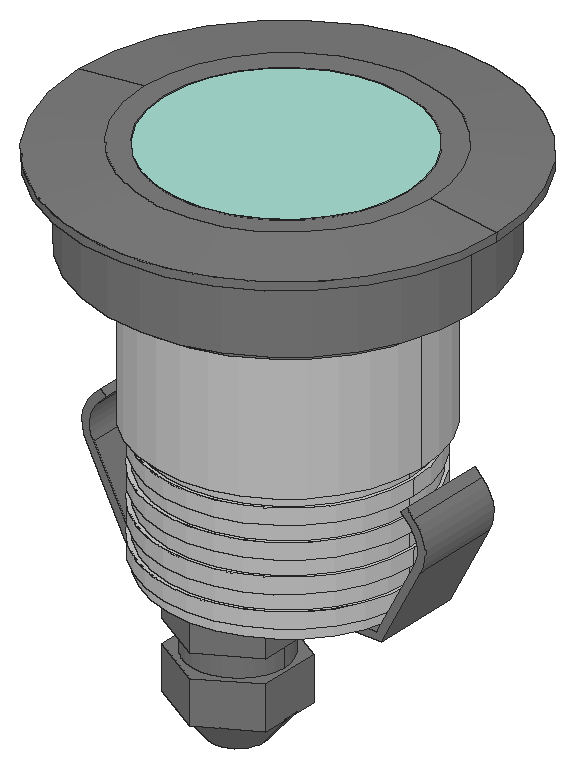
Revit family "Smoothy 1.6A", category Lighting Fixtures, host Face, Revit 2017
Family settings
  Host = Face
  Round Connector Dimension = Use Diameter
  Part Type = Normal
  Cut with Voids When Loaded = Yes
  Light Source = Yes
  Shared = No
  Room Calculation Point = Yes
Parameters (values of type "Smoothy 1.6_D (3000K 3.5W 24Vdc)")
  Wiring = "parallel"
  Width mm = 54 mm
  Weight kg = "0.27"
  Wattage = 1.50799 W
  built-in parameter 1150110 = 1 (stored number, unit not read)
  Voltage = 24 V
  URL Accessories and power supply units = "https://www.lucelight.it/en/prodotto.php/107381#a-scheda-accessori"
  URL = "https://www.lucelight.it/en/prodotto.php/107381"
  built-in parameter 1114217 = 1 (stored number, unit not read)
  Tiltable = "-"
  Vertical Rotation [instance] = 0.00°
  URL Technical sheet = "https://www.lucelight.it/media/prodotti/st/ST_SMOOTHY_16.pdf"
  URL Image = "https://www.lucelight.it/media/prodotti/foto/smoothy_1.6_still.jpg"
  URL IES Photometric file = "https://www.lucelight.it/media/prodotti/fotometrie/smoothy_1.6_ies.zip"
  URL General code = "https://www.lucelight.it/en/prodotto.php/107381#a-generacodice"
  URL Description = "https://www.lucelight.it/en/capitolato.php/107381"
  URL DXF = "https://www.lucelight.it/media/prodotti/dxf/smoothy_1.6.dxf"
  URL Catalogue = "https://www.lucelight.it/media/prodotti/brochure/smoothy_1_brochure_en.pdf"
  Trim = L&L_Steel inox AISI 316L
  Tilt Angle = 90.00°
  built-in parameter 1150109 = 1 (stored number, unit not read)
  built-in parameter 1150134 = (empty or 0)
  built-in parameter 1150113 = 1 (stored number, unit not read)
  Radius Void = 24 mm
  Power supply unit = "not included"
  Power supply = "24Vdc"
  Power cables = "includes 1.5 m neoprene cable H05RN-F 2x0.75/0.75 diam. 6.3 mm"
  Power = "3.5W (also available: 2.5W - ref. URL Technical sheet)"
  Photometric Web File = "SMOOTHY 1.6 D [3000K 3.5W 24Vdc].IES"
  Optics = "D"
  Notes = "-"
  No. and type of led = "1 power LED"
  Mounting = "recessed (ceiling, wall, ground)"
  Model = "Smoothy 1.6"
  Material = "body in anodized aluminium, trim in AISI 316L stainless steelscreen in tempered, transparent extra-clear glass (optics version), screen in sandblasted, tempered extra-clear glass (diffuse version)"
  Manufacturer = "L&L Luce&Light"
  built-in parameter 1150105 = 17.825 (stored number, unit not read)
  Lumens = 224 lm
  built-in parameter 1150115 = 1 (stored number, unit not read)
  Lumen output at source = "168 lm (3000K, 2.5W, CRI 80); 147 lm (3000K, 2.5W, CRI 90); 224 lm (3000K, 3.5W, CRI 80); 196 lm (3000K, 3.5W, CRI 90);"
  built-in parameter 1150137 = (empty or 0)
  built-in parameter 1150139 = (empty or 0)
  Lens = L&L_Tempered extra-clear glass
  Length mm = 54 mm
  built-in parameter 1150112 = 1 (stored number, unit not read)
  built-in parameter 1150114 = 1 (stored number, unit not read)
  LED Colour = "3000K (also available: 2700K and 4000K - ref. URL Technical sheet)"
  built-in parameter 1150132 = 2
  built-in parameter 1150102 = (empty or 0)
  built-in parameter 1150107 = 3000 (stored number, unit not read)
  built-in parameter 1150138 = (empty or 0)
  built-in parameter 1150106 = 0.17825 (stored number, unit not read)
  IP = "67"
  Height mm = 64 mm
  Height Void = 62.549 mm
  Geometry = Smoothy1.6_mod : Smoothy1.6_mod
  Features = "-"
  Energy efficiency class = "A A+ A++"
  Emit from Line Length = 609.6 mm
  built-in parameter 1150104 = 13.8 (stored number, unit not read)
  Dimming Lamp Color Temperature Shift = <None>
  Description = "recessed for outdoor applications"
  Delivered lumen output = "141 lm (3000K, 22°, 2.5W, CRI 80);  125 lm (3000K, 22°, 2.5W, CRI 90);  188 lm (3000K, 22°, 3.5W, CRI 80);  165 lm (3000K, 22°, 3.5W, CRI 90)"
  Default Elevation = 1219.2 mm
  Cutout dimensions = "diam. 48 mm"
  Control system = "-"
  Contact = "T: +39 0444 360571; E: lucelight@lucelight.it"
  Company = "L&L Luce&Light"
  Color Filter = 16777215
  Code = "SY1600 I; SY1601 I"
  CRI = "90 (also available: CRI 80 - ref. URL Technical sheet)"
  Body = L&L_Anodized aluminium
  built-in parameter 1114218 = 1 (stored number, unit not read)
  built-in parameter 1150133 = 10 (stored number, unit not read)
  Apparent Load Phase 1 = 3.5 W
  Apparent Load = 0 VA
Types (6, lengths in mm): name | Photometric Web File | Optics
  Smoothy 1.6_D (3000K 3.5W 24Vdc) | "SMOOTHY 1.6 D [3000K 3.5W 24Vdc].IES" | "D"
  Smoothy 1.6_F 30° (3000K 3.5W 24Vdc) | "SMOOTHY 1.6 F 30° [3000K 3.5W 24Vdc].IES" | "30°"
  Smoothy 1.6_L 48° (3000K 3.5W 24Vdc) | "SMOOTHY 1.6 L 48° [3000K 3.5W 24Vdc].IES" | "48°"
  Smoothy 1.6_M 22° (3000K 3.5W 24Vdc) | "SMOOTHY 1.6 M 22° [3000K 3.5W 24Vdc].IES" | "22°"
  Smoothy 1.6_P 35° (3000K 3.5W 24Vdc) | "SMOOTHY 1.6  P (35°) [3000K 3.5W 24Vdc].IES" | "35°"
  Smoothy 1.6_S 13° (3000K 3.5W 24Vdc) | "SMOOTHY 1.6  S 13° [3000K 3.5W 24Vdc].IES" | "13°"
Reference planes
  plane 1 "Center (Front/Back)": y = 0
  plane 2: z = 0
  plane 3 "Center (Left/Right)": x = 0
  plane 4: z = -62.549
Forms (mm)
  Extrusion 1, void
    sketch origin (0, 0, 0) x (1, 0, 0) y (0, 1, 0)
      loop
        circle (0, 0) r 24
    from -62.549 to 0
Dimensions and locks
  "Height Void": plane 4 to plane 2
  "Radius Void": radius of Extrusion 1 sketch curve
  aligned and locked: plane 2 to host face
  aligned and locked: level to host face
  aligned and locked: Extrusion 1 to plane 4
  aligned and locked: plane 2 to Extrusion 1
Automatic sketch dimensions
  host sketch curve to host sketch curve = 2438.4 mm  (x2)
  plane 1 "Center (Front/Back)" to Extrusion 1 sketch curve = 0 mm
  Extrusion 1 sketch curve to plane 3 "Center (Left/Right)" = 0 mm
Nested families
  nested 1: "Smoothy1.6_mod" at (0, 0, 0), type <- "Geometry", type "Smoothy1.6_mod"
Connectors
  electrical at (0, 0, 0), driven by "Apparent Load Phase 1", driven by "Voltage"
    settings: index 1, voltage 24 V, apparent load 0 VA, apparent load phase1 3.5 VA, apparent load phase2 0 VA, apparent load phase3 0 VA, power factor 1, load classification "Lighting", number of poles 1, system type 31, power factor state 1, is connector primary yes, connector utility no, sub classification motor no, connector description ""
Definition of nested family "Smoothy1.6_mod"
  Parameters (values of type "Smoothy1.6_mod")
    Wing 5.6 = no
    Wing 5.4 = no
    Wing 2.8 = no
    Wing 2.4 = no
    Wing 1.0 = yes
    Trim = none
    Thickness small shape ring = 2 mm
    Thickness small ring = 1.5 mm
    Thickness shape ring = 17.049 mm
    Thickness ring medium view = 13 mm
    Thickness middle ring fine view = 9.5 mm
    Thickness Lower ring 1 = 18.5 mm
    Thickness = 2 mm
    Shaped ring 5.6 = no
    Shaped ring 5.4 = no
    Shaped ring 2.4 = no
    Shaped ring 1.0 = yes
    Ring = no
    Radius small ring = 21.5 mm
    Radius shaped 4 = 10.726 mm
    Radius shaped 3 = 34.5 mm
    Radius shaped 2 = 16.3 mm
    Radius shaped 1 = 15.8 mm
    Radius middle ring fine view = 23.75 mm
    Radius Void = 15.7 mm
    Radius Lower ring 1 = 17.3 mm
    Radius 2 = 17.3 mm
    Radius = 27 mm
    Lens = none
    Internal radius = 18.493 mm
    Height void = 29.5 mm
    Height = 64 mm
    Default Elevation = 1219.2 mm
    Bottom 5.6 = no
    Bottom 2.8 = no
    Bottom 2.4 = no
    Bottom 1.0 = yes
    Body = none
  Reference planes
    plane 1 "Light Source Axis (F/B)": y = 0
    plane 2: z = 0
    plane 3 "Light Source Axis (L/R)": x = 0
    plane 4 "Light Source Elevation": z = 1500
    plane 5: z = -62
    plane 6: z = 2
    plane 7: z = -11
    plane 8: x = -17.25
    plane 9: x = 17.25
    plane 10: z = -52
    plane 11: z = 1
    plane 12: z = -9.5
    plane 13: x = -23.75
    plane 14: x = 23.75
    plane 15: z = -11
    plane 16: z = -29.5
    plane 17: z = -46.549
    plane 18: z = -27.5
    plane 19: z = -61.5
    plane 20: y = -15.8
  Forms (mm)
    Extrusion 1, solid, material <- "Body", detail levels coarse
      sketch origin (0, 0, 0) x (1, 0, 0) y (0, 1, 0)
        loop
          circle (0, 0) r 27
      from -62 to 2
    Extrusion 2, solid, material <- "Trim", detail levels medium
      sketch origin (0, 0, 0) x (1, 0, 0) y (0, 1, 0)
        loop
          circle (0, 0) r 27
      from 2 to -11
    Extrusion 3, solid, material <- "Body", detail levels medium
      sketch origin (0, 0, 0) x (1, 0, 0) y (0, 1, 0)
        loop
          circle (0, 0) r 17.3
      from -11 to -62
    Extrusion 4, void
      sketch origin (0, 0, 0) x (1, 0, 0) y (0, 1, 0)
        loop
          circle (0, 0) r 15.7
      from 2 to -52
    Extrusion 5, solid, material <- "Lens", detail levels medium
      sketch origin (0, 0, 0) x (1, 0, 0) y (0, 1, 0)
        loop
          circle (0, 0) r 15.7
      from 2 to 1
    Extrusion 6, solid, material <- "Trim", detail levels fine
      sketch origin (0, 0, 0) x (1, 0, 0) y (0, 1, 0)
        loop
          circle (0, 0) r 27
      from 0 to 1
    Blend 7, solid, material <- "Trim", detail levels fine
      base sketch origin (0, 0, 0) x (1, 0, 0) y (0, 1, 0)
        loop
          circle (0, 0) r 27
      top sketch origin (0, 0, 0) x (1, 0, 0) y (0, 1, 0)
        loop
          circle (0, 0) r 18.493
      from 1 to 2
    Extrusion 8, solid, material <- "Trim", detail levels fine
      sketch origin (0, 0, 0) x (1, 0, 0) y (0, 1, 0)
        loop
          circle (0, 0) r 23.75
      from 0 to -9.5
    Extrusion 9, solid, material <- "Trim", detail levels fine
      sketch origin (0, 0, 0) x (1, 0, 0) y (0, 1, 0)
        loop
          circle (0, 0) r 21.5
      from -9.5 to -11
    Extrusion 10, solid, material <- "Body", detail levels fine
      sketch origin (0, 0, 0) x (1, 0, 0) y (0, 1, 0)
        loop
          circle (0, 0) r 17.3
      from -11 to -29.5
    Extrusion 11, solid, material <- "Body", visible <- "Shaped ring 1.0", detail levels fine
      sketch origin (0, 0, -2.823) x (1, 0, 0) y (0, 1, 0)
        loop
          circle (0, 0) r 15.8
      from -26.677 to -43.726
    Extrusion 12, solid, material <- "Body", visible <- "Shaped ring 1.0", detail levels fine
      sketch origin (0, 0, -13.263) x (1, 0, 0) y (0, 1, 0)
        loop
          circle (0, 0) r 16.3
      from -29.859 to -31.859
    Extrusion 13, solid, material <- "Body", visible <- "Shaped ring 1.0", detail levels fine
      sketch origin (0, 0, -9.263) x (1, 0, 0) y (0, 1, 0)
        loop
          circle (0, 0) r 16.3
      from -29.859 to -31.859
    Extrusion 14, solid, material <- "Body", visible <- "Shaped ring 1.0", detail levels fine
      sketch origin (0, 0, -5.263) x (1, 0, 0) y (0, 1, 0)
        loop
          circle (0, 0) r 16.3
      from -29.859 to -31.859
    Extrusion 15, solid, material <- "Body", visible <- "Shaped ring 1.0", detail levels fine
      sketch origin (0, 0, -1.263) x (1, 0, 0) y (0, 1, 0)
        loop
          circle (0, 0) r 16.3
      from -29.859 to -31.859
    Extrusion 16, solid, visible <- "Shaped ring 2.4", detail levels fine
      sketch origin (0, 0, 0) x (1, 0, 0) y (0, 1, 0)
        loop
          circle (0, 0) r 15.8
      from -26.3 to -56.6
    Extrusion 17, solid, visible <- "Shaped ring 2.4", not visible, detail levels fine
      sketch origin (0, 0, 0) x (1, 0, 0) y (0, 1, 0)
        loop
          circle (0, 0) r 16.3
      from -28.8 to -31.3
    Extrusion 18, solid, visible <- "Shaped ring 2.4", not visible, detail levels fine
      sketch origin (0, 0, 3.2) x (1, 0, 0) y (0, 1, 0)
        loop
          circle (0, 0) r 15.8
      from -26.3 to -56.6
    Extrusion 19, solid, visible <- "Shaped ring 2.4", detail levels fine
      sketch origin (0, 0, 0) x (1, 0, 0) y (0, 1, 0)
        loop
          circle (0, 0) r 16.3
      from -28.8 to -31.3
    Extrusion 20, solid, visible <- "Shaped ring 2.4", detail levels fine
      sketch origin (0, 0, -5) x (1, 0, 0) y (0, 1, 0)
        loop
          circle (0, 0) r 16.3
      from -28.8 to -31.3
    Extrusion 21, solid, visible <- "Shaped ring 2.4", detail levels fine
      sketch origin (0, 0, -10) x (1, 0, 0) y (0, 1, 0)
        loop
          circle (0, 0) r 16.3
      from -28.8 to -31.3
    Extrusion 22, solid, visible <- "Shaped ring 2.4", detail levels fine
      sketch origin (0, 0, -15) x (1, 0, 0) y (0, 1, 0)
        loop
          circle (0, 0) r 16.3
      from -28.8 to -31.3
    Extrusion 23, solid, visible <- "Shaped ring 2.4", detail levels fine
      sketch origin (0, 0, -20) x (1, 0, 0) y (0, 1, 0)
        loop
          circle (0, 0) r 16.3
      from -28.8 to -31.3
    Extrusion 24, solid, visible <- "Shaped ring 2.4", detail levels fine
      sketch origin (0, 0, -25) x (1, 0, 0) y (0, 1, 0)
        loop
          circle (0, 0) r 16.3
      from -28.8 to -31.3
    Extrusion 25, solid, visible <- "Shaped ring 2.4", not visible, detail levels fine
      sketch origin (0, 0, 3.2) x (1, 0, 0) y (0, 1, 0)
        loop
          circle (0, 0) r 16.3
      from -28.8 to -31.3
    Extrusion 26, solid, visible <- "Shaped ring 2.4", not visible, detail levels fine
      sketch origin (0, 0, -1.8) x (1, 0, 0) y (0, 1, 0)
        loop
          circle (0, 0) r 16.3
      from -28.8 to -31.3
    Extrusion 27, solid, visible <- "Shaped ring 2.4", not visible, detail levels fine
      sketch origin (0, 0, -6.8) x (1, 0, 0) y (0, 1, 0)
        loop
          circle (0, 0) r 16.3
      from -28.8 to -31.3
    Extrusion 28, solid, visible <- "Shaped ring 2.4", not visible, detail levels fine
      sketch origin (0, 0, -11.8) x (1, 0, 0) y (0, 1, 0)
        loop
          circle (0, 0) r 16.3
      from -28.8 to -31.3
    Extrusion 29, solid, visible <- "Shaped ring 2.4", not visible, detail levels fine
      sketch origin (0, 0, -16.8) x (1, 0, 0) y (0, 1, 0)
        loop
          circle (0, 0) r 16.3
      from -28.8 to -31.3
    Extrusion 30, solid, visible <- "Shaped ring 2.4", not visible, detail levels fine
      sketch origin (0, 0, -21.8) x (1, 0, 0) y (0, 1, 0)
        loop
          circle (0, 0) r 16.3
      from -28.8 to -31.3
    Extrusion 31, solid, visible <- "Shaped ring 5.4", detail levels fine
      sketch origin (0, 0, 0) x (1, 0, 0) y (0, 1, 0)
        loop
          circle (0, 0) r 15.8
      from -24 to -59
    Extrusion 32, solid, visible <- "Shaped ring 5.4", not visible, detail levels fine
      sketch origin (0, 0, -2.5) x (1, 0, 0) y (0, 1, 0)
        loop
          circle (0, 0) r 10.726
      from -59 to -61.5
    Extrusion 33, solid, visible <- "Shaped ring 5.4", not visible, detail levels fine
      sketch origin (0, 0, -2.5) x (1, 0, 0) y (0, 1, 0)
        loop
          circle (0, 0) r 16.3
      from -24 to -26.5
    Extrusion 34, solid, visible <- "Shaped ring 5.4", not visible, detail levels fine
      sketch origin (0, 0, 5.5) x (1, 0, 0) y (0, 1, 0)
        loop
          circle (0, 0) r 15.8
      from -24 to -59
    Extrusion 35, solid, visible <- "Shaped ring 5.4", detail levels fine
      sketch origin (0, 0, -2.5) x (1, 0, 0) y (0, 1, 0)
        loop
          circle (0, 0) r 16.3
      from -24 to -26.5
    Extrusion 36, solid, visible <- "Shaped ring 5.4", detail levels fine
      sketch origin (0, 0, -7.5) x (1, 0, 0) y (0, 1, 0)
        loop
          circle (0, 0) r 16.3
      from -24 to -26.5
    Extrusion 37, solid, visible <- "Shaped ring 5.4", detail levels fine
      sketch origin (0, 0, -12.5) x (1, 0, 0) y (0, 1, 0)
        loop
          circle (0, 0) r 16.3
      from -24 to -26.5
    Extrusion 38, solid, visible <- "Shaped ring 5.4", detail levels fine
      sketch origin (0, 0, -17.5) x (1, 0, 0) y (0, 1, 0)
        loop
          circle (0, 0) r 16.3
      from -24 to -26.5
    Extrusion 39, solid, visible <- "Shaped ring 5.4", detail levels fine
      sketch origin (0, 0, -22.5) x (1, 0, 0) y (0, 1, 0)
        loop
          circle (0, 0) r 16.3
      from -24 to -26.5
    Extrusion 40, solid, visible <- "Shaped ring 5.4", detail levels fine
      sketch origin (0, 0, -27.5) x (1, 0, 0) y (0, 1, 0)
        loop
          circle (0, 0) r 16.3
      from -24 to -26.5
    Extrusion 41, solid, visible <- "Shaped ring 5.4", detail levels fine
      sketch origin (0, 0, -32.5) x (1, 0, 0) y (0, 1, 0)
        loop
          circle (0, 0) r 16.3
      from -24 to -26.5
    Extrusion 42, solid, visible <- "Shaped ring 5.4", detail levels fine
      sketch origin (0, 0, -35) x (1, 0, 0) y (0, 1, 0)
        loop
          circle (0, 0) r 34.5
      from -24 to -34
    Extrusion 43, solid, visible <- "Shaped ring 5.4", detail levels fine
      sketch origin (0, 0, -2.5) x (1, 0, 0) y (0, 1, 0)
        loop
          circle (0, 0) r 10.726
      from -59 to -61.5
    Extrusion 44, solid, visible <- "Shaped ring 5.4", detail levels fine
      sketch origin (0, 0, -7.5) x (1, 0, 0) y (0, 1, 0)
        loop
          circle (0, 0) r 10.726
      from -59 to -61.5
    Extrusion 45, solid, visible <- "Shaped ring 5.4", not visible, detail levels fine
      sketch origin (0, 0, 3) x (1, 0, 0) y (0, 1, 0)
        loop
          circle (0, 0) r 16.3
      from -24 to -26.5
    Extrusion 46, solid, visible <- "Shaped ring 5.4", not visible, detail levels fine
      sketch origin (0, 0, -2) x (1, 0, 0) y (0, 1, 0)
        loop
          circle (0, 0) r 16.3
      from -24 to -26.5
    Extrusion 47, solid, visible <- "Shaped ring 5.4", not visible, detail levels fine
      sketch origin (0, 0, -7) x (1, 0, 0) y (0, 1, 0)
        loop
          circle (0, 0) r 16.3
      from -24 to -26.5
    Extrusion 48, solid, visible <- "Shaped ring 5.4", not visible, detail levels fine
      sketch origin (0, 0, -12) x (1, 0, 0) y (0, 1, 0)
        loop
          circle (0, 0) r 16.3
      from -24 to -26.5
    Extrusion 49, solid, visible <- "Shaped ring 5.4", not visible, detail levels fine
      sketch origin (0, 0, -17) x (1, 0, 0) y (0, 1, 0)
        loop
          circle (0, 0) r 16.3
      from -24 to -26.5
    Extrusion 50, solid, visible <- "Shaped ring 5.4", not visible, detail levels fine
      sketch origin (0, 0, -22) x (1, 0, 0) y (0, 1, 0)
        loop
          circle (0, 0) r 16.3
      from -24 to -26.5
    Extrusion 51, solid, visible <- "Shaped ring 5.4", not visible, detail levels fine
      sketch origin (0, 0, -27) x (1, 0, 0) y (0, 1, 0)
        loop
          circle (0, 0) r 16.3
      from -24 to -26.5
    Extrusion 52, solid, visible <- "Shaped ring 5.4", not visible, detail levels fine
      sketch origin (0, 0, -29.5) x (1, 0, 0) y (0, 1, 0)
        loop
          circle (0, 0) r 34.5
      from -24 to -34
    Extrusion 53, solid, visible <- "Shaped ring 5.4", not visible, detail levels fine
      sketch origin (0, 0, 3) x (1, 0, 0) y (0, 1, 0)
        loop
          circle (0, 0) r 10.726
      from -59 to -61.5
    Extrusion 54, solid, visible <- "Shaped ring 5.4", not visible, detail levels fine
      sketch origin (0, 0, -2) x (1, 0, 0) y (0, 1, 0)
        loop
          circle (0, 0) r 10.726
      from -59 to -61.5
    Extrusion 55, solid, visible <- "Shaped ring 5.6", detail levels fine
      sketch origin (0, 0, 0) x (1, 0, 0) y (0, 1, 0)
        loop
          circle (0, 0) r 15.8
      from -29.5 to -46.549
    Extrusion 56, void
      sketch origin (0, 0, 0) x (1, 0, 0) y (0, 1, 0)
        loop
          circle (0, -0.3) r 15.7
      from -27.5 to 6.927
    Extrusion 57, solid, material <- "Lens", detail levels fine
      sketch origin (0, 0, 0) x (1, 0, 0) y (0, 1, 0)
        loop
          circle (0, -0.3) r 15.7
      from 2 to 1
  Cuts and joins
    Extrusion 4 cuts Extrusion 2
    Extrusion 4 cuts Extrusion 3
    Extrusion 56 cuts Extrusion 6
    Extrusion 56 cuts Blend 7
    joined: Extrusion 6, Blend 7
    Extrusion 56 cuts Extrusion 8
    Extrusion 56 cuts Extrusion 9
  Dimensions and locks
    "Height": plane 5 to plane 6
    "Thickness": plane 6 to plane 2
    "Thickness ring medium view": plane 7 to plane 6
    locked: plane 5 to plane 10 at 10
    locked: Extrusion 5 to Extrusion 5 at 1
    locked: level to plane 11 at 1
    "Thickness middle ring fine view": plane 12 to plane 2
    "Thickness small ring": plane 15 to plane 12
    "Thickness Lower ring 1": plane 16 to plane 15
    "Thickness shape ring": plane 17 to plane 16
    "Height void": plane 18 to plane 6
    "Radius": radius of Extrusion 1 sketch curve
    "Radius": radius of Extrusion 2 sketch curve
    "Radius 2": radius of Extrusion 3 sketch curve
    "Radius Void": radius of Extrusion 4 sketch curve
    "Radius Void": radius of Extrusion 5 sketch curve
    "Radius": radius of Extrusion 6 sketch curve
    "Radius": radius of Blend 7 sketch curve
    "Internal radius": radius of Blend 7 sketch curve
    "Radius middle ring fine view": radius of Extrusion 8 sketch curve
    "Radius small ring": radius of Extrusion 9 sketch curve
    "Radius Lower ring 1": radius of Extrusion 10 sketch curve
    "Radius shaped 1": radius of Extrusion 11 sketch curve
    "Radius shaped 2": radius of Extrusion 12 sketch curve
    "Radius shaped 2": radius of Extrusion 13 sketch curve
    "Radius shaped 2": radius of Extrusion 14 sketch curve
    "Radius shaped 2": radius of Extrusion 15 sketch curve
    "Radius shaped 1": radius of Extrusion 16 sketch curve
    "Radius shaped 2": radius of Extrusion 17 sketch curve
    "Radius shaped 1": radius of Extrusion 18 sketch curve
    "Radius shaped 2": radius of Extrusion 19 sketch curve
    "Radius shaped 2": radius of Extrusion 20 sketch curve
    "Radius shaped 2": radius of Extrusion 21 sketch curve
    "Radius shaped 2": radius of Extrusion 22 sketch curve
    "Radius shaped 2": radius of Extrusion 23 sketch curve
    "Radius shaped 2": radius of Extrusion 24 sketch curve
    "Radius shaped 2": radius of Extrusion 25 sketch curve
    "Radius shaped 2": radius of Extrusion 26 sketch curve
    "Radius shaped 2": radius of Extrusion 27 sketch curve
    "Radius shaped 2": radius of Extrusion 28 sketch curve
    "Radius shaped 2": radius of Extrusion 29 sketch curve
    "Radius shaped 2": radius of Extrusion 30 sketch curve
    "Radius shaped 1": radius of Extrusion 31 sketch curve
    "Radius shaped 4": radius of Extrusion 32 sketch curve
    "Radius shaped 2": radius of Extrusion 33 sketch curve
    "Radius shaped 1": radius of Extrusion 34 sketch curve
    "Radius shaped 2": radius of Extrusion 35 sketch curve
    "Radius shaped 2": radius of Extrusion 36 sketch curve
    "Radius shaped 2": radius of Extrusion 37 sketch curve
    "Radius shaped 2": radius of Extrusion 38 sketch curve
    "Radius shaped 2": radius of Extrusion 39 sketch curve
    "Radius shaped 2": radius of Extrusion 40 sketch curve
    "Radius shaped 2": radius of Extrusion 41 sketch curve
    "Radius shaped 3": radius of Extrusion 42 sketch curve
    "Radius shaped 4": radius of Extrusion 43 sketch curve
    "Radius shaped 4": radius of Extrusion 44 sketch curve
    "Radius shaped 2": radius of Extrusion 45 sketch curve
    "Radius shaped 2": radius of Extrusion 46 sketch curve
    "Radius shaped 2": radius of Extrusion 47 sketch curve
    "Radius shaped 2": radius of Extrusion 48 sketch curve
    "Radius shaped 2": radius of Extrusion 49 sketch curve
    "Radius shaped 2": radius of Extrusion 50 sketch curve
    "Radius shaped 2": radius of Extrusion 51 sketch curve
    "Radius shaped 3": radius of Extrusion 52 sketch curve
    "Radius shaped 4": radius of Extrusion 53 sketch curve
    "Radius shaped 4": radius of Extrusion 54 sketch curve
    "Radius shaped 1": radius of Extrusion 55 sketch curve
    "Radius Void": radius of Extrusion 56 sketch curve
    "Radius Void": radius of Extrusion 57 sketch curve
    aligned and locked: level to plane 2
    aligned and locked: plane 6 to Extrusion 1
    aligned and locked: Extrusion 1 to plane 5
    aligned and locked: Extrusion 2 to plane 6
    aligned and locked: Extrusion 2 to plane 7
    aligned and locked: Extrusion 3 to plane 7
    aligned and locked: Extrusion 3 to plane 5
    aligned and locked: plane 6 to Extrusion 4
    aligned and locked: Extrusion 4 to plane 10
    aligned and locked: Extrusion 5 to plane 6
    aligned and locked: Extrusion 6 to plane 2
    aligned and locked: plane 11 to Extrusion 6
    aligned and locked: Blend 7 to plane 11
    aligned and locked: plane 6 to Blend 7
    aligned and locked: Extrusion 8 to plane 2
    aligned and locked: Extrusion 8 to plane 12
    aligned and locked: Extrusion 9 to plane 12
    aligned and locked: Extrusion 9 to plane 15
    aligned and locked: Extrusion 10 to plane 15
    aligned and locked: Extrusion 10 to plane 16
    aligned and locked: plane 16 to Extrusion 11
    aligned and locked: Extrusion 55 to plane 16
    aligned and locked: Extrusion 55 to plane 17
    aligned and locked: plane 17 to nested 15
    aligned and locked: Extrusion 56 to plane 18
    aligned and locked: Extrusion 57 to plane 6
    aligned and locked: Extrusion 57 to plane 11
  Automatic sketch dimensions
    plane 1 "Light Source Axis (F/B)" to Extrusion 1 sketch curve = 0 mm
    Extrusion 1 sketch curve to plane 3 "Light Source Axis (L/R)" = 0 mm
    plane 1 "Light Source Axis (F/B)" to Extrusion 2 sketch curve = 0 mm
    Extrusion 2 sketch curve to plane 3 "Light Source Axis (L/R)" = 0 mm
    plane 1 "Light Source Axis (F/B)" to Extrusion 3 sketch curve = 0 mm
    Extrusion 3 sketch curve to plane 3 "Light Source Axis (L/R)" = 0 mm
    plane 1 "Light Source Axis (F/B)" to Extrusion 4 sketch curve = 0 mm
    Extrusion 4 sketch curve to plane 3 "Light Source Axis (L/R)" = 0 mm
    plane 1 "Light Source Axis (F/B)" to Extrusion 5 sketch curve = 0 mm
    Extrusion 5 sketch curve to plane 3 "Light Source Axis (L/R)" = 0 mm
    plane 1 "Light Source Axis (F/B)" to Extrusion 6 sketch curve = 0 mm
    Extrusion 6 sketch curve to plane 3 "Light Source Axis (L/R)" = 0 mm
    plane 1 "Light Source Axis (F/B)" to Blend 7 sketch curve = 0 mm  (x2)
    Blend 7 sketch curve to plane 3 "Light Source Axis (L/R)" = 0 mm  (x2)
    plane 1 "Light Source Axis (F/B)" to Extrusion 8 sketch curve = 0 mm
    Extrusion 8 sketch curve to plane 3 "Light Source Axis (L/R)" = 0 mm
    plane 1 "Light Source Axis (F/B)" to Extrusion 9 sketch curve = 0 mm
    Extrusion 9 sketch curve to plane 3 "Light Source Axis (L/R)" = 0 mm
    plane 1 "Light Source Axis (F/B)" to Extrusion 10 sketch curve = 0 mm
    Extrusion 10 sketch curve to plane 3 "Light Source Axis (L/R)" = 0 mm
    plane 1 "Light Source Axis (F/B)" to Extrusion 11 sketch curve = 0 mm
    Extrusion 11 sketch curve to plane 3 "Light Source Axis (L/R)" = 0 mm
    plane 1 "Light Source Axis (F/B)" to Extrusion 12 sketch curve = 0 mm
    Extrusion 12 sketch curve to plane 3 "Light Source Axis (L/R)" = 0 mm
    plane 1 "Light Source Axis (F/B)" to Extrusion 13 sketch curve = 0 mm
    Extrusion 13 sketch curve to plane 3 "Light Source Axis (L/R)" = 0 mm
    plane 1 "Light Source Axis (F/B)" to Extrusion 14 sketch curve = 0 mm
    Extrusion 14 sketch curve to plane 3 "Light Source Axis (L/R)" = 0 mm
    plane 1 "Light Source Axis (F/B)" to Extrusion 15 sketch curve = 0 mm
    Extrusion 15 sketch curve to plane 3 "Light Source Axis (L/R)" = 0 mm
    plane 1 "Light Source Axis (F/B)" to Extrusion 55 sketch curve = 0 mm
    Extrusion 55 sketch curve to plane 3 "Light Source Axis (L/R)" = 0 mm
    Extrusion 56 sketch curve to plane 3 "Light Source Axis (L/R)" = 0 mm
    plane 1 "Light Source Axis (F/B)" to Extrusion 56 sketch curve = 0.3 mm
    Extrusion 57 sketch curve to plane 3 "Light Source Axis (L/R)" = 0 mm
    plane 1 "Light Source Axis (F/B)" to Extrusion 57 sketch curve = 0.3 mm
  Nested families
    nested 1: "Smoothy_wing" at (-8.2, 0, -46.549), visible <- "Wing 1.0", type "Smoothy_wing", detail levels fine
    nested 2: "Smoothy_wing" at (8.2, 0, -46.549) x (-1, 0, 0) z (0, 0, 1), visible <- "Wing 1.0", type "Smoothy_wing", detail levels fine
    nested 3: "Smoothy_wing" at (21.382, 0, -56.5) x (-1, 0, 0) z (0, 0, 1), visible <- "Wing 2.8", type "Smoothy_wing", detail levels fine
    nested 4: "Smoothy_wing" at (-21.382, 0, -56.5), visible <- "Wing 2.8", type "Smoothy_wing", detail levels fine
    nested 5: "Smoothy_wing" at (-0.016, 30.088, -59) x (-0.0011, -1, 0) z (0, 0, 1), visible <- "Wing 5.4", type "Smoothy_wing", detail levels fine
    nested 6: "Smoothy_wing" at (-30.088, 0, -59) x (1, -0.0011, 0) z (0, 0, 1), visible <- "Wing 5.4", type "Smoothy_wing", detail levels fine
    nested 7: "Smoothy_wing" at (30.076, 0, -59) x (-1, 0.0011, 0) z (0, 0, 1), visible <- "Wing 5.4", type "Smoothy_wing", detail levels fine
    nested 8: "Smoothy_wing" at (0, -30.076, -59) x (0.0011, 1, 0) z (0, 0, 1), visible <- "Wing 5.4", type "Smoothy_wing", detail levels fine
    nested 9: "Smoothy_wing" at (-0.016, 30.088, -60) x (-0.0011, -1, 0) z (0, 0, 1), visible <- "Wing 5.6", type "Smoothy_wing", detail levels fine
    nested 10: "Smoothy_wing" at (-30.088, 0, -60) x (1, -0.0011, 0) z (0, 0, 1), visible <- "Wing 5.6", type "Smoothy_wing", detail levels fine
    nested 11: "Smoothy_wing" at (30.076, 0, -60) x (-1, 0.0011, 0) z (0, 0, 1), visible <- "Wing 5.6", type "Smoothy_wing", detail levels fine
    nested 12: "Smoothy_wing" at (0, -30.076, -60) x (0.0011, 1, 0) z (0, 0, 1), visible <- "Wing 5.6", type "Smoothy_wing", detail levels fine
    nested 13: "Smoothy_wing" at (-21.237, 0, -56.6), visible <- "Wing 2.4", type "Smoothy_wing", detail levels fine
    nested 14: "Smoothy_wing" at (21.237, 0, -56.6) x (-1, 0, 0) z (0, 0, 1), visible <- "Wing 2.4", type "Smoothy_wing", detail levels fine
    nested 15: "Family1" at (0, -8.05, -59.717), visible <- "Bottom 1.0", type "Family1", detail levels fine
    nested 16: "Family1" at (0, -15.35, -69.768), visible <- "Bottom 2.4", type "Family1", detail levels fine
    nested 17: "Family1" at (0, -0.922, -69.668), visible <- "Bottom 2.8", type "Family1", detail levels fine
    nested 18: "Family1" at (0, 0, -91.668), visible <- "Bottom 5.6", type "Family1", detail levels fine
  Definition of nested family "Smoothy_wing"
    Parameters (values of type "Smoothy_wing")
      Trim = none
      Default Elevation = 1219.2 mm
    Reference planes
      plane 1 "Light Source Axis (F/B)": y = 0
      plane 2: z = 0
      plane 3 "Light Source Axis (L/R)": x = 0
      plane 4 "Light Source Elevation": z = 1500
    Forms (mm)
      Extrusion 1, solid, material <- "Trim"
        sketch origin (81.397, 5.508, -204.885) x (1, 0, 0) y (0, 0, 1)
          loop
            arc (-93.894, 214.108) -> (-94.299, 216.563) -> (-93.174, 218.783) r 4
            line (-93.174, 218.783) -> (-92.184, 219.773) -> (-92.891, 220.48) -> (-93.882, 219.49)
            arc (-93.882, 219.49) -> (-95.288, 216.715) -> (-94.781, 213.646) r 5
            line (-94.781, 213.646) -> (-89.7, 203.885) -> (-81.397, 203.885) -> (-81.397, 204.885) -> (-89.093, 204.885) -> (-93.894, 214.108)
        from 0 to 11
      Blend 2, solid, material <- "Trim"
        base sketch origin (65.992, 6.052, -1) x (1, 0, 0) y (0, 1, 0)
          loop
            circle (-69.866, -6.044) r 3.6
        top sketch origin (65.992, 6.052, -1) x (1, 0, 0) y (0, 1, 0)
          loop
            circle (-69.866, -6.044) r 1.95
        from 0 to -1.8
    Dimensions and locks
      aligned and locked: level to plane 2
  Definition of nested family "Family1"
    Parameters (values of type "Family1")
      Trim = none
      Default Elevation = 1219.2 mm
    Reference planes
      plane 1 "Light Source Axis (F/B)": y = 0
      plane 2: z = 0
      plane 3 "Light Source Axis (L/R)": x = 0
      plane 4 "Light Source Elevation": z = 1500
    Forms (mm)
      Extrusion 1, solid, material <- "Trim"
        sketch origin (36.054, -14.716, 0) x (1, 0, 0) y (0, 1, 0)
          loop
            line (-36.054, 22.466) -> (-42.766, 18.591) -> (-42.766, 10.841) -> (-36.054, 6.966) -> (-29.343, 10.841) -> (-29.343, 18.591) -> (-36.054, 22.466)
        from 1.168 to 6.668
      Extrusion 2, solid, material <- "Trim"
        sketch origin (36.054, -14.716, 0) x (1, 0, 0) y (0, 1, 0)
          loop
            circle (-36.054, 14.716) r 6
        from 6.668 to 9.668
      Extrusion 3, solid, material <- "Trim"
        sketch origin (36.054, -14.716, 0) x (1, 0, 0) y (0, 1, 0)
          loop
            line (-36.054, 22.466) -> (-42.766, 18.591) -> (-42.766, 10.841) -> (-36.054, 6.966) -> (-29.343, 10.841) -> (-29.343, 18.591) -> (-36.054, 22.466)
        from 9.668 to 13.168
      Blend 4, solid, material <- "Trim"
        base sketch origin (36.054, -14.716, 1.168) x (1, 0, 0) y (0, 1, 0)
          loop
            circle (-36.054, 14.716) r 6.7
        top sketch origin (36.054, -14.716, 1.168) x (1, 0, 0) y (0, 1, 0)
          loop
            circle (-36.054, 14.716) r 3.5
        from 0 to -4
      Extrusion 5, solid, material <- "Trim", not visible
        sketch origin (30, 0, 0) x (1, 0, 0) y (0, 1, 0)
          loop
            line (-36.054, 22.466) -> (-42.766, 18.591) -> (-42.766, 10.841) -> (-36.054, 6.966) -> (-29.343, 10.841) -> (-29.343, 18.591) -> (-36.054, 22.466)
        from 1.168 to 6.668
      Extrusion 6, solid, material <- "Trim", not visible
        sketch origin (30, 0, 0) x (1, 0, 0) y (0, 1, 0)
          loop
            circle (-36.054, 14.716) r 6
        from 6.668 to 9.668
      Extrusion 7, solid, material <- "Trim", not visible
        sketch origin (30, 0, 0) x (1, 0, 0) y (0, 1, 0)
          loop
            line (-36.054, 22.466) -> (-42.766, 18.591) -> (-42.766, 10.841) -> (-36.054, 6.966) -> (-29.343, 10.841) -> (-29.343, 18.591) -> (-36.054, 22.466)
        from 9.668 to 13.168
      Blend 8, solid, material <- "Trim", not visible
        base sketch origin (30, 0, 1.168) x (1, 0, 0) y (0, 1, 0)
          loop
            circle (-36.054, 14.716) r 6.7
        top sketch origin (30, 0, 1.168) x (1, 0, 0) y (0, 1, 0)
          loop
            circle (-36.054, 14.716) r 3.5
        from 0 to -4
    Dimensions and locks
      aligned and locked: level to plane 2
